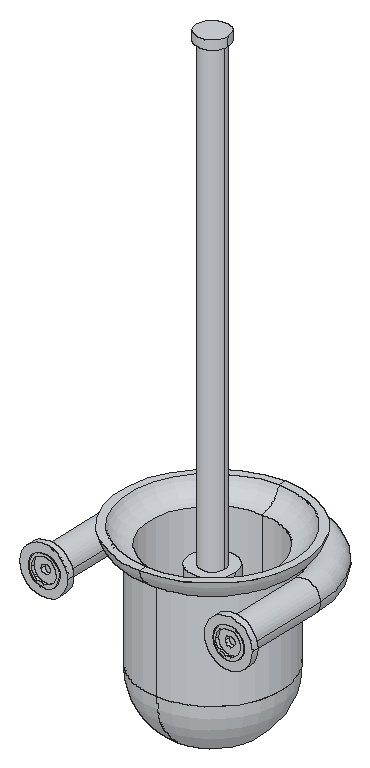
Revit family "AX7185_0006", category Appareils sanitaires, Revit 2016
Family settings
  Hôte = Mur
  Type d'élément = Normal
  Cote de connecteur circulaire = Utiliser le diamètre
  Numéro OmniClass = 23.75.00.00
  Titre OmniClass = Climate Control (HVAC)
  Toujours verticalement = Oui
  Couper avec des vides une fois chargée = Non
  Partagée = Non
  Point de calcul de pièce = Non
Parameters (values of type "Type 1")
  URL = "https://www.axeuro.com/fr/pots-et-balais-wc/23947-pot-et-balai-wc-ax7185.html"
  Type de produit / Type of product = "Pot et balai wc / Toilet brush set"  # constant formula
  Référence / Reference = "AX7185, AX7185P"  # constant formula
  Model = ""
  Manufacturer = ""
  Entreprise / Company = "Axeuro"  # constant formula
  Description = ""
Reference planes
  plane 1 "Mur": y = 0
  plane 2 "Centre (gauche/droite)": x = 0
  plane 3 "Arrière": y = 75
Forms (mm)
  Sweep 1, solid
    path origin (1.465, -113.433, 340) x (1, 0, 0) y (0, 1, 0)
      loop
        line (-57.029, 190) -> (-57.029, 245.565)
        arc (-57.029, 245.565) -> (-1.465, 301.129) -> (54.1, 245.565) r 55.565
        line (54.1, 245.565) -> (54.1, 190)
    profile origin (-55.564, 104.349, 340) x (-1, 0, 0) y (0, 0, 1)
      loop
        circle (0, 0) r 9.6
  Extrusion 2, solid
    sketch origin (55.565, 75, -988.181) x (-1, 0, 0) y (0, 0, -1)
      loop
        circle (0, -1328.181) r 14.435
      loop
        circle (0, -1328.181) r 9.33
    from -3.909 to 0
  Extrusion 3, solid
    sketch origin (55.565, 75, -988.181) x (-1, 0, 0) y (0, 0, -1)
      loop
        circle (0, -1328.181) r 9.33
      loop
        circle (0, -1328.181) r 7.5
    from -1.567 to 0
  Extrusion 4, solid
    sketch origin (-55.565, 75, -988.181) x (-1, 0, 0) y (0, 0, -1)
      loop
        circle (0, -1328.181) r 14.435
      loop
        circle (0, -1328.181) r 9.33
    from -3.909 to 0
  Extrusion 5, solid
    sketch origin (-55.565, 75, -988.181) x (-1, 0, 0) y (0, 0, -1)
      loop
        circle (0, -1328.181) r 9.33
      loop
        circle (0, -1328.181) r 7.5
    from -1.567 to 0
  Revolve 6, solid
    sketch origin (0, -83.677, -357.528) x (0, 1, 0) y (0, 0, 1)
      loop
        line (216.034, 603.988) -> (221.034, 603.988)
        arc (221.034, 603.988) -> (247.599, 615.217) -> (258.054, 642.096) r 37.035
        line (258.054, 642.096) -> (258.054, 702.096)
        arc (258.054, 702.096) -> (266.351, 707.324) -> (271.034, 715.94) r 19.415
        line (271.034, 715.94) -> (266.355, 715.94)
        arc (266.355, 715.94) -> (261.476, 708.934) -> (253.554, 705.751) r 14.915
        line (253.554, 705.751) -> (253.554, 642.103)
        arc (253.554, 642.103) -> (243.708, 618.334) -> (219.938, 608.488) r 33.616
        line (219.938, 608.488) -> (216.034, 608.488) -> (216.034, 603.988)
      axis (216.034, 715.94) -> (216.034, 603.988)
    angle from 0 to 360
  Extrusion 7, solid
    sketch origin (-216.463, -47.649, -113.481) x (1, 0, 0) y (0, 1, 0)
      loop
        circle (216.463, 179.953) r 7.4
    from 451.397 to 734.407
  Extrusion 8, solid
    sketch origin (-216.463, -47.649, -88.481) x (1, 0, 0) y (0, 1, 0)
      loop
        circle (216.463, 179.953) r 9.5
    from 709.407 to 714.657
  Extrusion 9, solid
    sketch origin (-216.463, -47.649, -233.481) x (1, 0, 0) y (0, 1, 0)
      loop
        circle (216.463, 179.953) r 13.7
    from 491.397 to 571.397
  Extrusion 10, void
    sketch origin (21.716, 0, -39.238) x (1, 0, 0) y (0, 0, 1)
      loop
        circle (-77.281, 379.238) r 3
    from -78.909 to -76.567
  Extrusion 11, void
    sketch origin (132.846, 0, -39.238) x (1, 0, 0) y (0, 0, 1)
      loop
        circle (-77.281, 379.238) r 3
    from -78.909 to -76.567
Cuts and joins
  Extrusion 10 cuts Extrusion 5
  Extrusion 10, Extrusion 11 cuts Sweep 1
Text (mm)
  text "Côté de la mise en place" at (-1820.995, 1116.779, 0), in view "Niveau de réf."
  text "Côté de la mise en place" at (0, 1334.055, 2976.191), in view "Gauche"
  text "Côté de la mise en place" at (0, 439.194, 2944.362), in view "Droite"
Dimensions and locks
  locked: plane 3 "Arrière" to host wall
  aligned and locked: plane 1 "Mur" to host wall
